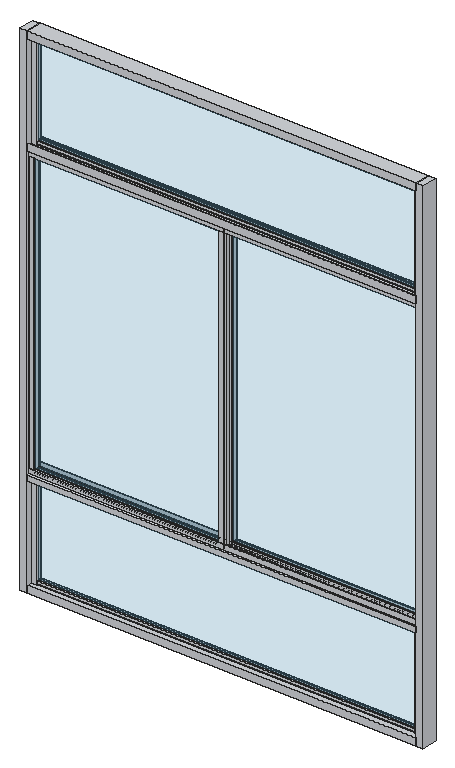
Revit family "MT-VMS_DB-SG_OX WITH HIGHTLITE-LOWLITE", category Windows, host Wall, Revit 2017 (continued)
Definition of nested family "VMS_DB-SG_OX_LOWLITE-HIGHLITE_76mm"
  Definition of nested family "VMS_DB-SG_GLAZED PANEL"
    Definition of nested family "VMS_VM66_SILL DETAIL_FINE"
      Lines and regions (mm)
        model lines, in view "Ref. Level"
          curve 154: line (25.5, 8.2, 0) -> (23.8, 8.2, 0)
          curve 155: line (23.6, 8, 0) -> (23.6, 6.5, 0)
          curve 156: line (23.3, 6.2, 0) -> (16.639, 6.2, 0)
          curve 157: line (15.746, 7.426, 0) -> (14.908, 7.426, 0)
          curve 158: line (14.904, 6.06, 0) -> (15.324, 5.6, 0)
          curve 159: line (15.324, 5.6, 0) -> (14.904, 5.14, 0)
          curve 160: line (14.535, 4.529, 0) -> (14.387, 3.976, 0)
          curve 161: line (14.387, 3.976, 0) -> (13.835, 4.124, 0)
    Definition of nested family "VMS_VM66_SILL DETAIL_MEDIUM"
      Reference planes
        plane 1 "Center (Front/Back)": y = 0
        plane 2: z = 0
        plane 3 "Center (Left/Right)": x = 0
      Lines and regions (mm)
        model lines, in view "Ref. Level"
          curve 1: line (1.2, 5, 0) -> (25.7, 5, 0)
          curve 2: line (0, 0, 0) -> (26.9, 0, 0)
          curve 3: line (25.7, 1.2, 0) -> (1.2, 1.2, 0)
          curve 4: line (26.9, 0, 0) -> (26.9, 27.912, 0)
          curve 5: line (26.9, 27.912, 0) -> (25.7, 27.912, 0)
          curve 6: line (25.7, 13.912, 0) -> (1.2, 13.912, 0)
          curve 7: line (1.2, 27.912, 0) -> (0, 27.912, 0)
          curve 8: line (0, 27.112, 0) -> (0, 25.735, 0)
          curve 9: line (0, 27.912, 0) -> (0, 0, 0)
          curve 10: line (1.2, 1.2, 0) -> (1.2, 5, 0)
          curve 11: line (1.2, 12.512, 0) -> (25.7, 12.512, 0)
          curve 12: line (25.7, 27.912, 0) -> (25.7, 13.912, 0)
          curve 13: line (25.7, 6.2, 0) -> (1.2, 6.2, 0)
          curve 14: line (1.2, 13.912, 0) -> (1.2, 27.912, 0)
          curve 15: line (25.7, 12.512, 0) -> (25.7, 6.2, 0)
          curve 16: line (25.7, 5, 0) -> (25.7, 1.2, 0)
          curve 17: line (1.2, 6.2, 0) -> (1.2, 12.512, 0)
  Definition of nested family "VMS_VM11_SILL DETAIL_FINE"
    Reference planes
      plane 1 "Center (Front/Back)": y = 0
      plane 2: z = 0
      plane 3 "Center (Left/Right)": x = 0
    Lines and regions (mm)
      model lines, in view "Ref. Level"
        curve 1: arc (-6.776, -5.512, 0) -> (-6.841, -5.609, 0) -> (-6.864, -5.724, 0) r 0.3
        curve 2: arc (-5.466, -8.225, 0) -> (-5.192, -8.5, 0) -> (-4.817, -8.6, 0) r 0.75
        curve 3: arc (-4.817, -8.6, 0) -> (-4.167, -8.225, 0) -> (-4.167, -7.475, 0) r 0.75
        curve 4: arc (-4.864, -2.2, 0) -> (-4.571, -1.493, 0) -> (-3.864, -1.2, 0) r 1
        curve 5: arc (5.464, -1.2, 0) -> (6.171, -1.493, 0) -> (6.464, -2.2, 0) r 1
        curve 6: arc (5.767, -7.475, 0) -> (5.767, -8.225, 0) -> (6.417, -8.6, 0) r 0.75
        curve 7: arc (6.417, -8.6, 0) -> (6.792, -8.5, 0) -> (7.066, -8.225, 0) r 0.75
        curve 8: arc (8.464, -5.724, 0) -> (8.441, -5.609, 0) -> (8.376, -5.512, 0) r 0.3
        curve 9: arc (8.864, -2.1, 0) -> (8.951, -2.312, 0) -> (9.164, -2.4, 0) r 0.3
        curve 10: arc (9.55, -2.4, 0) -> (9.904, -2.254, 0) -> (10.05, -1.9, 0) r 0.5
        curve 11: arc (33.2, 0, 0) -> (33.412, 0.088, 0) -> (33.5, 0.3, 0) r 0.3
        curve 12: arc (33.5, 29.412, 0) -> (33.412, 29.624, 0) -> (33.2, 29.712, 0) r 0.3
        curve 13: arc (31.8, 29.712, 0) -> (31.588, 29.624, 0) -> (31.5, 29.412, 0) r 0.3
        curve 14: arc (31.5, 2.1, 0) -> (31.412, 1.888, 0) -> (31.2, 1.8, 0) r 0.3
        curve 15: arc (8.85, 1.8, 0) -> (8.638, 1.712, 0) -> (8.55, 1.5, 0) r 0.3
        curve 16: arc (8.55, 0.3, 0) -> (8.462, 0.088, 0) -> (8.25, 0, 0) r 0.3
        curve 17: arc (1.9, 0, 0) -> (1.688, 0.088, 0) -> (1.6, 0.3, 0) r 0.3
        curve 18: arc (1.6, 29.412, 0) -> (1.512, 29.624, 0) -> (1.3, 29.712, 0) r 0.3
        curve 19: arc (0.3, 29.712, 0) -> (0.088, 29.624, 0) -> (0, 29.412, 0) r 0.3
        curve 20: arc (0, 0.3, 0) -> (-0.088, 0.088, 0) -> (-0.3, 0, 0) r 0.3
        curve 21: arc (-8.15, 0, 0) -> (-8.362, -0.088, 0) -> (-8.45, -0.3, 0) r 0.3
        curve 22: arc (-8.45, -1.9, 0) -> (-8.304, -2.254, 0) -> (-7.95, -2.4, 0) r 0.5
        curve 23: arc (-7.564, -2.4, 0) -> (-7.351, -2.312, 0) -> (-7.264, -2.1, 0) r 0.3
        curve 24: line (-7.264, -2.1, 0) -> (-7.264, -1.5, 0)
        curve 25: line (-7.264, -1.5, 0) -> (-6.364, -1.5, 0)
        curve 26: line (-6.364, -1.5, 0) -> (-6.364, -5.1, 0)
        curve 27: line (-6.364, -5.1, 0) -> (-6.776, -5.512, 0)
        curve 28: line (-6.823, -5.874, 0) -> (-5.466, -8.225, 0)
        curve 29: line (-4.167, -7.475, 0) -> (-4.864, -6.269, 0)
        curve 30: line (-4.864, -6.269, 0) -> (-4.864, -2.2, 0)
        curve 31: line (-3.864, -1.2, 0) -> (5.464, -1.2, 0)
        curve 32: line (6.464, -2.2, 0) -> (6.464, -6.269, 0)
        curve 33: line (6.464, -6.269, 0) -> (5.767, -7.475, 0)
        curve 34: line (7.066, -8.225, 0) -> (8.423, -5.874, 0)
        curve 35: line (8.376, -5.512, 0) -> (7.964, -5.1, 0)
        curve 36: line (7.964, -5.1, 0) -> (7.964, -1.2, 0)
        curve 37: line (7.964, -1.2, 0) -> (8.864, -1.2, 0)
        curve 38: line (8.864, -1.2, 0) -> (8.864, -2.1, 0)
        curve 39: line (9.164, -2.4, 0) -> (9.55, -2.4, 0)
        curve 40: line (10.05, -1.9, 0) -> (10.05, 0, 0)
        curve 41: line (10.05, 0, 0) -> (33.2, 0, 0)
        curve 42: line (33.5, 0.3, 0) -> (33.5, 29.412, 0)
        curve 43: line (33.2, 29.712, 0) -> (31.8, 29.712, 0)
        curve 44: line (31.5, 29.412, 0) -> (31.5, 2.1, 0)
        curve 45: line (31.2, 1.8, 0) -> (8.85, 1.8, 0)
        curve 46: line (8.55, 1.5, 0) -> (8.55, 0.3, 0)
        curve 47: line (8.25, 0, 0) -> (1.9, 0, 0)
        curve 48: line (1.6, 0.3, 0) -> (1.6, 29.412, 0)
        curve 49: line (1.3, 29.712, 0) -> (0.3, 29.712, 0)
        curve 50: line (0, 29.412, 0) -> (0, 0.3, 0)
        curve 51: line (-0.3, 0, 0) -> (-8.15, 0, 0)
        curve 52: line (-8.45, -0.3, 0) -> (-8.45, -1.9, 0)
        curve 53: line (-7.95, -2.4, 0) -> (-7.564, -2.4, 0)
  Definition of nested family "MAIN FRAME 76MM_MEDIUM"
    Reference planes
      plane 1 "Center (Front/Back)": y = 0
      plane 2: z = 0
      plane 3 "Center (Left/Right)": x = 0
    Lines and regions (mm)
      detail lines, in view "Ref. Level"
        curve 1: line (0, 0, 0) -> (35, 0, 0)
        curve 2: line (35, 0, 0) -> (35, -76, 0)
        curve 3: line (35, -76, 0) -> (0, -76, 0)
        curve 4: line (0, 0, 0) -> (0, -1.8, 0)
        curve 5: line (0, -1.8, 0) -> (33.2, -1.8, 0)
        curve 6: line (33.2, -74.2, 0) -> (33.2, -1.8, 0)
        curve 7: line (0, -74.2, 0) -> (33.2, -74.2, 0)
        curve 8: line (0, -74.2, 0) -> (0, -76, 0)
  Definition of nested family "AS1C CAVITY MAIN FRAME"
    Reference planes
      plane 1 "Center (Front/Back)": y = 0
      plane 2: z = 0
      plane 3 "Center (Left/Right)": x = 0
    Lines and regions (mm)
      detail lines, in view "Ref. Level"
        curve 1: arc (-35, -73.2, 0) -> (-34.922, -73.041, 0) -> (-34.748, -73.007, 0) r 0.2
        curve 2: arc (-33.3, -70.8, 0) -> (-32.55, -70.05, 0) -> (-31.8, -70.8, 0) r 0.75
        curve 3: arc (-1.5, -66.578, 0) -> (-1.654, -66.316, 0) -> (-1.957, -66.322, 0) r 0.3
        curve 4: arc (-1.957, -66.322, 0) -> (-4.423, -66.877, 0) -> (-6.71, -65.804, 0) r 3.9
        curve 5: arc (-6.71, -65.804, 0) -> (-6.731, -64.567, 0) -> (-5.494, -64.546, 0) r 0.875
        curve 6: arc (-5.494, -64.546, 0) -> (-3.836, -65.144, 0) -> (-2.288, -64.3, 0) r 2.15
        curve 7: arc (-2.288, -61.7, 0) -> (-3.836, -60.856, 0) -> (-5.494, -61.454, 0) r 2.15
        curve 8: arc (-5.494, -61.454, 0) -> (-6.731, -61.433, 0) -> (-6.71, -60.196, 0) r 0.875
        curve 9: arc (-6.71, -60.196, 0) -> (-4.423, -59.123, 0) -> (-1.957, -59.678, 0) r 3.9
        curve 10: arc (-1.957, -59.678, 0) -> (-1.654, -59.684, 0) -> (-1.5, -59.422, 0) r 0.3
        curve 11: arc (-1.5, -53.73, 0) -> (-1.851, -52.695, 0) -> (-2.76, -52.088, 0) r 1.7
        curve 12: arc (-18.84, -47.78, 0) -> (-19.749, -47.172, 0) -> (-20.1, -46.138, 0) r 1.7
        curve 13: arc (-20.1, -29.862, 0) -> (-19.749, -28.827, 0) -> (-18.84, -28.22, 0) r 1.7
        curve 14: arc (-2.76, -23.912, 0) -> (-1.851, -23.304, 0) -> (-1.5, -22.27, 0) r 1.7
        curve 15: arc (-1.5, -16.578, 0) -> (-1.654, -16.316, 0) -> (-1.957, -16.322, 0) r 0.3
        curve 16: arc (-1.957, -16.322, 0) -> (-4.423, -16.877, 0) -> (-6.71, -15.804, 0) r 3.9
        curve 17: arc (-6.71, -15.804, 0) -> (-6.731, -14.567, 0) -> (-5.494, -14.546, 0) r 0.875
        curve 18: arc (-5.494, -14.546, 0) -> (-3.836, -15.144, 0) -> (-2.288, -14.3, 0) r 2.15
        curve 19: arc (-2.288, -11.7, 0) -> (-3.836, -10.856, 0) -> (-5.494, -11.454, 0) r 2.15
        curve 20: arc (-5.494, -11.454, 0) -> (-6.731, -11.433, 0) -> (-6.71, -10.196, 0) r 0.875
        curve 21: arc (-6.71, -10.196, 0) -> (-4.423, -9.123, 0) -> (-1.957, -9.678, 0) r 3.9
        curve 22: arc (-1.957, -9.678, 0) -> (-1.654, -9.684, 0) -> (-1.5, -9.422, 0) r 0.3
        curve 23: arc (-31.8, -5.2, 0) -> (-32.55, -5.95, 0) -> (-33.3, -5.2, 0) r 0.75
        curve 24: arc (-34.748, -2.993, 0) -> (-34.922, -2.959, 0) -> (-35, -2.8, 0) r 0.2
        curve 25: arc (-35, -0.4, 0) -> (-34.883, -0.117, 0) -> (-34.6, 0, 0) r 0.4
        curve 26: arc (-0.4, 0, 0) -> (-0.117, -0.117, 0) -> (0, -0.4, 0) r 0.4
        curve 27: arc (0, -28.2, 0) -> (-0.117, -28.483, 0) -> (-0.4, -28.6, 0) r 0.4
        curve 28: arc (-2.4, -29.868, 0) -> (-2.483, -30.111, 0) -> (-2.696, -30.254, 0) r 0.4
        curve 29: arc (-4.496, -30.736, 0) -> (-4.895, -30.62, 0) -> (-4.976, -30.213, 0) r 0.4
        curve 30: arc (-3.605, -26.446, 0) -> (-3.686, -26.039, 0) -> (-4.084, -25.923, 0) r 0.4
        curve 31: arc (-10.184, -27.557, 0) -> (-10.372, -27.709, 0) -> (-10.388, -27.95, 0) r 0.3
        curve 32: arc (-9.417, -30.619, 0) -> (-9.417, -30.755, 0) -> (-9.504, -30.86, 0) r 0.2
        curve 33: arc (-9.7, -30.973, 0) -> (-9.9, -30.973, 0) -> (-10, -30.8, 0) r 0.2
        curve 34: arc (-10, -30.747, 0) -> (-10.059, -30.606, 0) -> (-10.2, -30.547, 0) r 0.2
        curve 35: arc (-11.438, -30.547, 0) -> (-11.528, -30.526, 0) -> (-11.599, -30.466, 0) r 0.2
        curve 36: arc (-11.599, -30.466, 0) -> (-11.806, -30.087, 0) -> (-11.9, -29.664, 0) r 1.549
        curve 37: arc (-11.9, -28.408, 0) -> (-12.017, -28.17, 0) -> (-12.278, -28.118, 0) r 0.3
        curve 38: arc (-12.278, -47.882, 0) -> (-12.017, -47.83, 0) -> (-11.9, -47.592, 0) r 0.3
        curve 39: arc (-11.9, -46.336, 0) -> (-11.806, -45.913, 0) -> (-11.599, -45.533, 0) r 1.549
        curve 40: arc (-11.599, -45.533, 0) -> (-11.528, -45.474, 0) -> (-11.438, -45.453, 0) r 0.2
        curve 41: arc (-10.2, -45.453, 0) -> (-10.059, -45.394, 0) -> (-10, -45.253, 0) r 0.2
        curve 42: arc (-10, -45.2, 0) -> (-9.9, -45.027, 0) -> (-9.7, -45.027, 0) r 0.2
        curve 43: arc (-9.504, -45.14, 0) -> (-9.417, -45.244, 0) -> (-9.417, -45.381, 0) r 0.2
        curve 44: arc (-10.388, -48.05, 0) -> (-10.372, -48.291, 0) -> (-10.184, -48.443, 0) r 0.3
        curve 45: arc (-4.084, -50.077, 0) -> (-3.686, -49.961, 0) -> (-3.605, -49.554, 0) r 0.4
        curve 46: arc (-4.976, -45.787, 0) -> (-4.895, -45.38, 0) -> (-4.496, -45.264, 0) r 0.4
        curve 47: arc (-2.696, -45.746, 0) -> (-2.483, -45.889, 0) -> (-2.4, -46.132, 0) r 0.4
        curve 48: arc (-0.4, -47.4, 0) -> (-0.117, -47.517, 0) -> (0, -47.8, 0) r 0.4
        curve 49: arc (0, -75.6, 0) -> (-0.117, -75.883, 0) -> (-0.4, -76, 0) r 0.4
        curve 50: arc (-34.6, -76, 0) -> (-34.883, -75.883, 0) -> (-35, -75.6, 0) r 0.4
        curve 51: line (-34.748, -73.007, 0) -> (-33.3, -73.395, 0)
        curve 52: line (-33.3, -73.395, 0) -> (-33.3, -70.8, 0)
        curve 53: line (-31.8, -70.8, 0) -> (-31.8, -74.5, 0)
        curve 54: line (-31.8, -74.5, 0) -> (-1.5, -74.5, 0)
        curve 55: line (-1.5, -74.5, 0) -> (-1.5, -66.578, 0)
        curve 56: line (-2.288, -64.3, 0) -> (-1.5, -64.3, 0)
        curve 57: line (-1.5, -64.3, 0) -> (-1.5, -63, 0)
        curve 58: line (-1.5, -63, 0) -> (-1.5, -61.7, 0)
        curve 59: line (-1.5, -61.7, 0) -> (-2.288, -61.7, 0)
        curve 60: line (-1.5, -59.422, 0) -> (-1.5, -53.73, 0)
        curve 61: line (-2.76, -52.088, 0) -> (-18.84, -47.78, 0)
        curve 62: line (-20.1, -46.138, 0) -> (-20.1, -29.862, 0)
        curve 63: line (-18.84, -28.22, 0) -> (-2.76, -23.912, 0)
        curve 64: line (-1.5, -22.27, 0) -> (-1.5, -16.578, 0)
        curve 65: line (-2.288, -14.3, 0) -> (-1.5, -14.3, 0)
        curve 66: line (-1.5, -14.3, 0) -> (-1.5, -13, 0)
        curve 67: line (-1.5, -13, 0) -> (-1.5, -11.7, 0)
        curve 68: line (-1.5, -11.7, 0) -> (-2.288, -11.7, 0)
        curve 69: line (-1.5, -9.422, 0) -> (-1.5, -1.5, 0)
        curve 70: line (-1.5, -1.5, 0) -> (-31.8, -1.5, 0)
        curve 71: line (-31.8, -1.5, 0) -> (-31.8, -5.2, 0)
        curve 72: line (-33.3, -5.2, 0) -> (-33.3, -2.605, 0)
        curve 73: line (-33.3, -2.605, 0) -> (-34.748, -2.993, 0)
        curve 74: line (-35, -2.8, 0) -> (-35, -0.4, 0)
        curve 75: line (-34.6, 0, 0) -> (-0.4, 0, 0)
        curve 76: line (0, -0.4, 0) -> (0, -28.2, 0)
        curve 77: line (-0.4, -28.6, 0) -> (-2.4, -28.6, 0)
        curve 78: line (-2.4, -28.6, 0) -> (-2.4, -29.868, 0)
        curve 79: line (-2.696, -30.254, 0) -> (-4.496, -30.736, 0)
        curve 80: line (-4.976, -30.213, 0) -> (-3.605, -26.446, 0)
        curve 81: line (-4.084, -25.923, 0) -> (-10.184, -27.557, 0)
        curve 82: line (-10.388, -27.95, 0) -> (-9.417, -30.619, 0)
        curve 83: line (-9.504, -30.86, 0) -> (-9.7, -30.973, 0)
        curve 84: line (-10.2, -30.547, 0) -> (-11.438, -30.547, 0)
        curve 85: line (-11.9, -29.664, 0) -> (-11.9, -28.408, 0)
        curve 86: line (-12.278, -28.118, 0) -> (-18.5, -29.786, 0)
        curve 87: line (-18.5, -29.786, 0) -> (-18.5, -46.214, 0)
        curve 88: line (-18.5, -46.214, 0) -> (-12.278, -47.882, 0)
        curve 89: line (-11.9, -47.592, 0) -> (-11.9, -46.336, 0)
        curve 90: line (-11.438, -45.453, 0) -> (-10.2, -45.453, 0)
        curve 91: line (-9.7, -45.027, 0) -> (-9.504, -45.14, 0)
        curve 92: line (-9.417, -45.381, 0) -> (-10.388, -48.05, 0)
        curve 93: line (-10.184, -48.443, 0) -> (-4.084, -50.077, 0)
        curve 94: line (-3.605, -49.554, 0) -> (-4.976, -45.787, 0)
        curve 95: line (-4.496, -45.264, 0) -> (-2.696, -45.746, 0)
        curve 96: line (-2.4, -46.132, 0) -> (-2.4, -47.4, 0)
        curve 97: line (-2.4, -47.4, 0) -> (-0.4, -47.4, 0)
        curve 98: line (0, -47.8, 0) -> (0, -75.6, 0)
        curve 99: line (-0.4, -76, 0) -> (-34.6, -76, 0)
        curve 100: line (-35, -75.6, 0) -> (-35, -73.2, 0)
  Definition of nested family "VMS_VM8_HEAD DETAIL_MEDIUM"
    Reference planes
      plane 1 "Center (Front/Back)": y = 0
      plane 2: z = 0
      plane 3 "Center (Left/Right)": x = 0
    Lines and regions (mm)
      detail lines, in view "Ref. Level"
        curve 1: line (0, 0, 0) -> (0, -35, 0)
        curve 2: line (1.5, -14.5, 0) -> (74.5, -14.5, 0)
        curve 3: line (74.5, -14.5, 0) -> (74.5, 0, 0)
        curve 4: line (0, 0, 0) -> (1.5, 0, 0)
        curve 5: line (76, 0, 0) -> (76, -35, 0)
        curve 6: line (76, -35, 0) -> (70.5, -35, 0)
        curve 7: line (70.5, -35, 0) -> (70.5, -59, 0)
        curve 8: line (68.7, -59, 0) -> (68.7, -33.2, 0)
        curve 9: line (68.7, -33.2, 0) -> (74.2, -33.2, 0)
        curve 10: line (74.2, -33.2, 0) -> (74.2, -16.1, 0)
        curve 11: line (74.2, -16.1, 0) -> (38.8, -16.1, 0)
        curve 12: line (38.8, -16.1, 0) -> (38.8, -59, 0)
        curve 13: line (70.5, -59, 0) -> (68.7, -59, 0)
        curve 14: line (37.2, -59, 0) -> (37.2, -16.1, 0)
        curve 15: line (1.8, -16.1, 0) -> (1.8, -33.2, 0)
        curve 16: line (1.8, -33.2, 0) -> (7.3, -33.2, 0)
        curve 17: line (7.3, -33.2, 0) -> (7.3, -59, 0)
        curve 18: line (7.3, -59, 0) -> (5.5, -59, 0)
        curve 19: line (5.5, -59, 0) -> (5.5, -35, 0)
        curve 20: line (5.5, -35, 0) -> (0, -35, 0)
        curve 21: line (1.5, 0, 0) -> (1.5, -14.5, 0)
        curve 22: line (74.5, 0, 0) -> (76, 0, 0)
        curve 23: line (38.8, -59, 0) -> (37.2, -59, 0)
        curve 24: line (37.2, -16.1, 0) -> (1.8, -16.1, 0)
  Definition of nested family "VMS_VM8_HEAD DETAIL_FINE"
    Reference planes
      plane 1 "Center (Front/Back)": y = 0
      plane 2: z = 0
      plane 3 "Center (Left/Right)": x = 0
    Lines and regions (mm)
      model lines, in view "Ref. Level"
        curve 1: arc (9.146, -8.957, 0) -> (9.504, -8.091, 0) -> (10.37, -7.732, 0) r 1.224
        curve 2: arc (10.877, -7.732, 0) -> (11.54, -8.402, 0) -> (11.326, -9.319, 0) r 0.974
        curve 3: arc (11.326, -9.319, 0) -> (11.131, -9.63, 0) -> (10.993, -9.97, 0) r 2.1
        curve 4: arc (10.993, -11.204, 0) -> (11.181, -11.637, 0) -> (11.462, -12.017, 0) r 2.1
        curve 5: arc (12.531, -12.634, 0) -> (13, -12.687, 0) -> (13.469, -12.634, 0) r 2.1
        curve 6: arc (14.538, -12.017, 0) -> (14.819, -11.637, 0) -> (15.007, -11.204, 0) r 2.1
        curve 7: arc (15.007, -9.97, 0) -> (14.869, -9.63, 0) -> (14.674, -9.319, 0) r 2.1
        curve 8: arc (14.674, -9.319, 0) -> (14.46, -8.402, 0) -> (15.123, -7.732, 0) r 0.974
        curve 9: arc (15.63, -7.732, 0) -> (16.496, -8.091, 0) -> (16.854, -8.957, 0) r 1.224
        curve 10: arc (16.854, -11.635, 0) -> (16.306, -12.829, 0) -> (15.399, -13.78, 0) r 3.994
        curve 11: arc (15.399, -13.78, 0) -> (15.26, -14.227, 0) -> (15.64, -14.5, 0) r 0.4
        curve 12: arc (60.746, -14.5, 0) -> (61.007, -14.348, 0) -> (61.003, -14.046, 0) r 0.3
        curve 13: arc (61.003, -14.046, 0) -> (59.836, -13.025, 0) -> (59.146, -11.635, 0) r 3.994
        curve 14: arc (59.146, -8.957, 0) -> (59.504, -8.091, 0) -> (60.37, -7.732, 0) r 1.224
        curve 15: arc (60.868, -7.732, 0) -> (61.514, -8.349, 0) -> (61.394, -9.234, 0) r 0.982
        curve 16: arc (61.394, -9.234, 0) -> (61.156, -9.581, 0) -> (60.993, -9.97, 0) r 2.1
        curve 17: arc (60.993, -11.204, 0) -> (61.181, -11.637, 0) -> (61.462, -12.017, 0) r 2.1
        curve 18: arc (62.531, -12.634, 0) -> (63, -12.687, 0) -> (63.469, -12.634, 0) r 2.1
        curve 19: arc (64.538, -12.017, 0) -> (64.819, -11.637, 0) -> (65.007, -11.204, 0) r 2.1
        curve 20: arc (65.007, -9.97, 0) -> (64.843, -9.58, 0) -> (64.603, -9.23, 0) r 2.1
        curve 21: arc (64.603, -9.23, 0) -> (64.477, -8.348, 0) -> (65.123, -7.732, 0) r 0.974
        curve 22: arc (65.63, -7.732, 0) -> (66.496, -8.091, 0) -> (66.854, -8.957, 0) r 1.224
        curve 23: arc (66.854, -11.635, 0) -> (66.306, -12.829, 0) -> (65.399, -13.78, 0) r 3.994
        curve 24: arc (65.399, -13.78, 0) -> (65.26, -14.227, 0) -> (65.64, -14.5, 0) r 0.4
        curve 25: arc (70.8, -3.2, 0) -> (70.05, -2.45, 0) -> (70.8, -1.7, 0) r 0.75
        curve 26: arc (73.007, -0.252, 0) -> (73.041, -0.078, 0) -> (73.2, 0, 0) r 0.2
        curve 27: arc (75.6, 0, 0) -> (75.883, -0.117, 0) -> (76, -0.4, 0) r 0.4
        curve 28: arc (76, -34.7, 0) -> (75.912, -34.912, 0) -> (75.7, -35, 0) r 0.3
        curve 29: arc (70.8, -35, 0) -> (70.588, -35.088, 0) -> (70.5, -35.3, 0) r 0.3
        curve 30: arc (70.5, -58.7, 0) -> (70.412, -58.912, 0) -> (70.2, -59, 0) r 0.3
        curve 31: arc (69, -59, 0) -> (68.788, -58.912, 0) -> (68.7, -58.7, 0) r 0.3
        curve 32: arc (68.7, -33.5, 0) -> (68.788, -33.288, 0) -> (69, -33.2, 0) r 0.3
        curve 33: arc (73.9, -33.2, 0) -> (74.112, -33.112, 0) -> (74.2, -32.9, 0) r 0.3
        curve 34: arc (74.2, -17.1, 0) -> (73.907, -16.393, 0) -> (73.2, -16.1, 0) r 1
        curve 35: arc (39.8, -16.1, 0) -> (39.093, -16.393, 0) -> (38.8, -17.1, 0) r 1
        curve 36: arc (38.8, -58.7, 0) -> (38.712, -58.912, 0) -> (38.5, -59, 0) r 0.3
        curve 37: arc (37.5, -59, 0) -> (37.288, -58.912, 0) -> (37.2, -58.7, 0) r 0.3
        curve 38: arc (37.2, -17.1, 0) -> (36.907, -16.393, 0) -> (36.2, -16.1, 0) r 1
        curve 39: arc (2.8, -16.1, 0) -> (2.093, -16.393, 0) -> (1.8, -17.1, 0) r 1
        curve 40: arc (1.8, -32.9, 0) -> (1.888, -33.112, 0) -> (2.1, -33.2, 0) r 0.3
        curve 41: arc (7, -33.2, 0) -> (7.212, -33.288, 0) -> (7.3, -33.5, 0) r 0.3
        curve 42: arc (7.3, -58.7, 0) -> (7.212, -58.912, 0) -> (7, -59, 0) r 0.3
        curve 43: arc (5.8, -59, 0) -> (5.588, -58.912, 0) -> (5.5, -58.7, 0) r 0.3
        curve 44: arc (5.5, -35.3, 0) -> (5.412, -35.088, 0) -> (5.2, -35, 0) r 0.3
        curve 45: arc (0.3, -35, 0) -> (0.088, -34.912, 0) -> (0, -34.7, 0) r 0.3
        curve 46: arc (0, -0.4, 0) -> (0.117, -0.117, 0) -> (0.4, 0, 0) r 0.4
        curve 47: arc (2.8, 0, 0) -> (2.959, -0.078, 0) -> (2.993, -0.252, 0) r 0.2
        curve 48: arc (5.2, -1.7, 0) -> (5.95, -2.45, 0) -> (5.2, -3.2, 0) r 0.75
        curve 49: line (9.146, -11.635, 0) -> (9.146, -8.957, 0)
        curve 50: line (10.37, -7.732, 0) -> (10.877, -7.732, 0)
        curve 51: line (10.993, -9.97, 0) -> (10.376, -10.587, 0)
        curve 52: line (10.376, -10.587, 0) -> (10.993, -11.204, 0)
        curve 53: line (11.462, -12.017, 0) -> (11.688, -12.859, 0)
        curve 54: line (11.688, -12.859, 0) -> (12.531, -12.634, 0)
        curve 55: line (13.469, -12.634, 0) -> (14.312, -12.859, 0)
        curve 56: line (14.312, -12.859, 0) -> (14.538, -12.017, 0)
        curve 57: line (15.007, -11.204, 0) -> (15.624, -10.587, 0)
        curve 58: line (15.624, -10.587, 0) -> (15.007, -9.97, 0)
        curve 59: line (15.123, -7.732, 0) -> (15.63, -7.732, 0)
        curve 60: line (16.854, -8.957, 0) -> (16.854, -11.635, 0)
        curve 61: line (15.64, -14.5, 0) -> (60.746, -14.5, 0)
        curve 62: line (59.146, -11.635, 0) -> (59.146, -8.957, 0)
        curve 63: line (60.37, -7.732, 0) -> (60.868, -7.732, 0)
        curve 64: line (60.993, -9.97, 0) -> (60.376, -10.587, 0)
        curve 65: line (60.376, -10.587, 0) -> (60.993, -11.204, 0)
        curve 66: line (61.462, -12.017, 0) -> (61.688, -12.859, 0)
        curve 67: line (61.688, -12.859, 0) -> (62.531, -12.634, 0)
        curve 68: line (63.469, -12.634, 0) -> (64.312, -12.859, 0)
        curve 69: line (64.312, -12.859, 0) -> (64.538, -12.017, 0)
        curve 70: line (65.007, -11.204, 0) -> (65.624, -10.587, 0)
        curve 71: line (65.624, -10.587, 0) -> (65.007, -9.97, 0)
        curve 72: line (65.123, -7.732, 0) -> (65.63, -7.732, 0)
        curve 73: line (66.854, -8.957, 0) -> (66.854, -11.635, 0)
        curve 74: line (65.64, -14.5, 0) -> (74.5, -14.5, 0)
        curve 75: line (74.5, -14.5, 0) -> (74.5, -3.2, 0)
        curve 76: line (74.5, -3.2, 0) -> (70.8, -3.2, 0)
        curve 77: line (70.8, -1.7, 0) -> (73.395, -1.7, 0)
        curve 78: line (73.395, -1.7, 0) -> (73.007, -0.252, 0)
        curve 79: line (73.2, 0, 0) -> (75.6, 0, 0)
        curve 80: line (76, -0.4, 0) -> (76, -34.7, 0)
        curve 81: line (75.7, -35, 0) -> (70.8, -35, 0)
        curve 82: line (70.5, -35.3, 0) -> (70.5, -58.7, 0)
        curve 83: line (70.2, -59, 0) -> (69, -59, 0)
        curve 84: line (68.7, -58.7, 0) -> (68.7, -33.5, 0)
        curve 85: line (69, -33.2, 0) -> (73.9, -33.2, 0)
        curve 86: line (74.2, -32.9, 0) -> (74.2, -17.1, 0)
        curve 87: line (73.2, -16.1, 0) -> (39.8, -16.1, 0)
        curve 88: line (38.8, -17.1, 0) -> (38.8, -58.7, 0)
        curve 89: line (38.5, -59, 0) -> (37.5, -59, 0)
        curve 90: line (37.2, -58.7, 0) -> (37.2, -17.1, 0)
        curve 91: line (36.2, -16.1, 0) -> (2.8, -16.1, 0)
        curve 92: line (1.8, -17.1, 0) -> (1.8, -32.9, 0)
        curve 93: line (2.1, -33.2, 0) -> (7, -33.2, 0)
        curve 94: line (7.3, -33.5, 0) -> (7.3, -58.7, 0)
        curve 95: line (7, -59, 0) -> (5.8, -59, 0)
        curve 96: line (5.5, -58.7, 0) -> (5.5, -35.3, 0)
        curve 97: line (5.2, -35, 0) -> (0.3, -35, 0)
        curve 98: line (0, -34.7, 0) -> (0, -0.4, 0)
        curve 99: line (0.4, 0, 0) -> (2.8, 0, 0)
        curve 100: line (2.993, -0.252, 0) -> (2.605, -1.7, 0)
        curve 101: line (2.605, -1.7, 0) -> (5.2, -1.7, 0)
        curve 102: line (5.2, -3.2, 0) -> (1.5, -3.2, 0)
        curve 103: line (1.5, -3.2, 0) -> (1.5, -14.5, 0)
        curve 104: line (1.5, -14.5, 0) -> (10.36, -14.5, 0)
        curve 105: arc (10.36, -14.5, 0) -> (10.74, -14.227, 0) -> (10.601, -13.78, 0) r 0.4
        curve 106: arc (10.601, -13.78, 0) -> (9.694, -12.829, 0) -> (9.146, -11.635, 0) r 3.994
  Definition of nested family "VMS_VM10_BOT DETAIL_MEDIUM"
    Reference planes
      plane 1 "Center (Front/Back)": y = 0
      plane 2: z = 0
      plane 3 "Center (Left/Right)": x = 0
    Lines and regions (mm)
      detail lines, in view "Ref. Level"
        curve 1: line (70.183, 29.678, 0) -> (74.4, 26.464, 0)
        curve 2: line (74.4, 26.464, 0) -> (74.4, 19.696, 0)
        curve 3: line (74.4, 19.696, 0) -> (36.6, 19.696, 0)
        curve 4: line (36.6, 19.696, 0) -> (36.6, 15.948, 0)
        curve 5: line (36.6, 15.948, 0) -> (1.5, 15.948, 0)
        curve 6: line (1.5, 26.54, 0) -> (5.689, 29.678, 0)
        curve 7: line (5.689, 29.678, 0) -> (70.183, 29.678, 0)
        curve 8: line (1.5, 14.448, 0) -> (38, 14.448, 0)
        curve 9: line (38, 14.448, 0) -> (38, 18.196, 0)
        curve 10: line (38, 18.196, 0) -> (74.4, 18.196, 0)
        curve 11: line (76, 0, 0) -> (76, 27.256, 0)
        curve 12: line (76, 27.256, 0) -> (70.723, 31.278, 0)
        curve 13: line (70.723, 31.278, 0) -> (70.723, 56.143, 0)
        curve 14: line (70.723, 56.143, 0) -> (68.723, 56.143, 0)
        curve 15: line (68.723, 56.143, 0) -> (68.723, 31.278, 0)
        curve 16: line (68.723, 31.278, 0) -> (38.823, 31.278, 0)
        curve 17: line (38.823, 31.278, 0) -> (38.823, 56.143, 0)
        curve 18: line (38.823, 56.143, 0) -> (37.223, 56.143, 0)
        curve 19: line (37.223, 56.143, 0) -> (37.223, 31.278, 0)
        curve 20: line (37.223, 31.278, 0) -> (7.323, 31.278, 0)
        curve 21: line (7.323, 31.278, 0) -> (7.323, 56.143, 0)
        curve 22: line (7.323, 56.143, 0) -> (5.323, 56.143, 0)
        curve 23: line (5.323, 56.143, 0) -> (5.323, 31.278, 0)
        curve 24: line (5.323, 31.278, 0) -> (0, 27.291, 0)
        curve 25: line (0, 27.291, 0) -> (0, 0, 0)
        curve 26: line (0, 0, 0) -> (1.5, 0, 0)
        curve 27: line (1.5, 0, 0) -> (1.5, 14.448, 0)
        curve 28: line (1.5, 15.948, 0) -> (1.5, 26.54, 0)
        curve 29: line (76, 0, 0) -> (74.4, 0, 0)
        curve 30: line (74.4, 18.196, 0) -> (74.4, 0, 0)
  Definition of nested family "VMS_VM10_BOT DETAIL_FINE"
    Reference planes
      plane 1 "Center (Front/Back)": y = 0
      plane 2: z = 0
      plane 3 "Center (Left/Right)": x = 0
    Lines and regions (mm)
      model lines, in view "Ref. Level"
        curve 1: arc (69.913, 29.678, 0) -> (70.169, 29.636, 0) -> (70.398, 29.515, 0) r 0.8
        curve 2: arc (74.243, 26.584, 0) -> (74.359, 26.443, 0) -> (74.4, 26.265, 0) r 0.4
        curve 3: arc (74.4, 19.995, 0) -> (74.312, 19.784, 0) -> (74.1, 19.696, 0) r 0.3
        curve 4: arc (36.461, 19.709, 0) -> (36.168, 19.595, 0) -> (36.048, 19.303, 0) r 0.4
        curve 5: arc (36.048, 19.303, 0) -> (36.163, 19.016, 0) -> (36.448, 18.896, 0) r 0.4
        curve 6: arc (36.6, 16.448, 0) -> (36.454, 16.095, 0) -> (36.1, 15.948, 0) r 0.5
        curve 7: arc (5.763, 22.386, 0) -> (5.704, 22.528, 0) -> (5.563, 22.586, 0) r 0.2
        curve 8: arc (5.554, 22.586, 0) -> (5.413, 22.645, 0) -> (5.354, 22.786, 0) r 0.2
        curve 9: arc (5.354, 25.256, 0) -> (4.768, 26.67, 0) -> (3.354, 27.256, 0) r 2
        curve 10: arc (3.056, 27.256, 0) -> (2.867, 27.393, 0) -> (2.937, 27.616, 0) r 0.2
        curve 11: arc (5.476, 29.519, 0) -> (5.703, 29.637, 0) -> (5.956, 29.678, 0) r 0.8
        curve 12: arc (19.373, 29.678, 0) -> (19.727, 29.825, 0) -> (19.873, 30.178, 0) r 0.5
        curve 13: arc (19.873, 31.416, 0) -> (19.961, 31.628, 0) -> (20.173, 31.716, 0) r 0.3
        curve 14: arc (24.373, 31.716, 0) -> (24.586, 31.628, 0) -> (24.673, 31.416, 0) r 0.3
        curve 15: arc (24.673, 30.178, 0) -> (24.82, 29.825, 0) -> (25.173, 29.678, 0) r 0.5
        curve 16: arc (32.5, 29.678, 0) -> (32.712, 29.591, 0) -> (32.8, 29.378, 0) r 0.3
        curve 17: arc (32.8, 26.678, 0) -> (33.093, 25.971, 0) -> (33.8, 25.678, 0) r 1
        curve 18: arc (34, 25.678, 0) -> (34.566, 25.913, 0) -> (34.8, 26.478, 0) r 0.8
        curve 19: arc (34.8, 27.36, 0) -> (35.8, 29.978, 0) -> (36.8, 27.36, 0) r 1.5
        curve 20: arc (36.8, 26.478, 0) -> (37.034, 25.913, 0) -> (37.6, 25.678, 0) r 0.8
        curve 21: arc (37.8, 25.678, 0) -> (38.507, 25.971, 0) -> (38.8, 26.678, 0) r 1
        curve 22: arc (38.8, 29.377, 0) -> (38.888, 29.589, 0) -> (39.1, 29.677, 0) r 0.3
        curve 23: arc (50.873, 29.678, 0) -> (51.227, 29.825, 0) -> (51.373, 30.178, 0) r 0.5
        curve 24: arc (51.373, 31.416, 0) -> (51.461, 31.628, 0) -> (51.673, 31.716, 0) r 0.3
        curve 25: arc (55.873, 31.716, 0) -> (56.086, 31.628, 0) -> (56.173, 31.416, 0) r 0.3
        curve 26: arc (56.173, 30.178, 0) -> (56.32, 29.825, 0) -> (56.673, 29.678, 0) r 0.5
        curve 27: arc (13.469, 12.634, 0) -> (13, 12.687, 0) -> (12.531, 12.634, 0) r 2.1
        curve 28: arc (15.007, 11.204, 0) -> (14.819, 11.637, 0) -> (14.538, 12.017, 0) r 2.1
        curve 29: arc (14.603, 9.23, 0) -> (14.843, 9.58, 0) -> (15.007, 9.97, 0) r 2.1
        curve 30: arc (14.603, 9.23, 0) -> (14.477, 8.348, 0) -> (15.123, 7.732, 0) r 0.974
        curve 31: arc (15.63, 7.732, 0) -> (16.496, 8.091, 0) -> (16.854, 8.957, 0) r 1.224
        curve 32: arc (16.854, 11.635, 0) -> (16.147, 13.047, 0) -> (14.948, 14.074, 0) r 3.994
        curve 33: arc (15.046, 14.448, 0) -> (14.852, 14.299, 0) -> (14.948, 14.074, 0) r 0.2
        curve 34: arc (37.5, 14.448, 0) -> (37.854, 14.595, 0) -> (38, 14.948, 0) r 0.5
        curve 35: arc (38.3, 18.196, 0) -> (38.088, 18.109, 0) -> (38, 17.896, 0) r 0.3
        curve 36: arc (62.25, 17.896, 0) -> (62.162, 18.109, 0) -> (61.95, 18.196, 0) r 0.3
        curve 37: arc (62.25, 14.51, 0) -> (60.286, 13.517, 0) -> (59.146, 11.635, 0) r 3.994
        curve 38: arc (59.146, 8.957, 0) -> (59.504, 8.091, 0) -> (60.37, 7.732, 0) r 1.224
        curve 39: arc (60.868, 7.732, 0) -> (61.514, 8.349, 0) -> (61.394, 9.234, 0) r 0.982
        curve 40: arc (60.993, 9.97, 0) -> (61.156, 9.581, 0) -> (61.394, 9.234, 0) r 2.1
        curve 41: arc (61.462, 12.017, 0) -> (61.181, 11.637, 0) -> (60.993, 11.204, 0) r 2.1
        curve 42: arc (63.469, 12.634, 0) -> (63, 12.687, 0) -> (62.531, 12.634, 0) r 2.1
        curve 43: arc (65.007, 11.204, 0) -> (64.819, 11.637, 0) -> (64.538, 12.017, 0) r 2.1
        curve 44: arc (64.603, 9.23, 0) -> (64.843, 9.58, 0) -> (65.007, 9.97, 0) r 2.1
        curve 45: arc (64.603, 9.23, 0) -> (64.477, 8.348, 0) -> (65.123, 7.732, 0) r 0.974
        curve 46: arc (65.63, 7.732, 0) -> (66.496, 8.091, 0) -> (66.854, 8.957, 0) r 1.224
        curve 47: arc (66.854, 11.635, 0) -> (65.714, 13.517, 0) -> (63.75, 14.51, 0) r 3.994
        curve 48: arc (64.05, 18.196, 0) -> (63.838, 18.109, 0) -> (63.75, 17.896, 0) r 0.3
        curve 49: arc (74.5, 17.896, 0) -> (74.412, 18.109, 0) -> (74.2, 18.196, 0) r 0.3
        curve 50: arc (74.2, 3.2, 0) -> (74.412, 3.288, 0) -> (74.5, 3.5, 0) r 0.3
        curve 51: arc (70.8, 3.2, 0) -> (70.05, 2.45, 0) -> (70.8, 1.7, 0) r 0.75
        curve 52: arc (73.007, 0.252, 0) -> (73.041, 0.078, 0) -> (73.2, 0, 0) r 0.2
        curve 53: arc (75.7, 0, 0) -> (75.912, 0.088, 0) -> (76, 0.3, 0) r 0.3
        curve 54: arc (76, 26.266, 0) -> (75.792, 27.153, 0) -> (75.213, 27.856, 0) r 2
        curve 55: arc (70.723, 32.269, 0) -> (70.931, 31.381, 0) -> (71.511, 30.678, 0) r 2
        curve 56: arc (70.723, 55.843, 0) -> (70.636, 56.055, 0) -> (70.423, 56.143, 0) r 0.3
        curve 57: arc (69.023, 56.143, 0) -> (68.811, 56.055, 0) -> (68.723, 55.843, 0) r 0.3
        curve 58: arc (68.423, 31.278, 0) -> (68.636, 31.366, 0) -> (68.723, 31.578, 0) r 0.3
        curve 59: arc (57.773, 31.578, 0) -> (57.861, 31.366, 0) -> (58.074, 31.278, 0) r 0.3
        curve 60: arc (57.773, 32.274, 0) -> (57.662, 32.588, 0) -> (57.377, 32.763, 0) r 0.5
        curve 61: arc (50.169, 32.763, 0) -> (49.885, 32.588, 0) -> (49.773, 32.274, 0) r 0.5
        curve 62: arc (49.473, 31.278, 0) -> (49.686, 31.366, 0) -> (49.773, 31.578, 0) r 0.3
        curve 63: arc (38.823, 31.578, 0) -> (38.911, 31.366, 0) -> (39.123, 31.278, 0) r 0.3
        curve 64: arc (38.823, 55.843, 0) -> (38.736, 56.055, 0) -> (38.523, 56.143, 0) r 0.3
        curve 65: arc (37.523, 56.143, 0) -> (37.311, 56.055, 0) -> (37.223, 55.843, 0) r 0.3
        curve 66: arc (36.923, 31.278, 0) -> (37.136, 31.366, 0) -> (37.223, 31.578, 0) r 0.3
        curve 67: arc (26.273, 31.578, 0) -> (26.361, 31.366, 0) -> (26.573, 31.278, 0) r 0.3
        curve 68: arc (26.273, 32.274, 0) -> (26.162, 32.588, 0) -> (25.877, 32.763, 0) r 0.5
        curve 69: arc (18.669, 32.763, 0) -> (18.385, 32.588, 0) -> (18.273, 32.274, 0) r 0.5
        curve 70: arc (17.973, 31.278, 0) -> (18.186, 31.366, 0) -> (18.273, 31.578, 0) r 0.3
        curve 71: arc (7.323, 31.578, 0) -> (7.411, 31.366, 0) -> (7.623, 31.278, 0) r 0.3
        curve 72: arc (7.323, 55.843, 0) -> (7.236, 56.055, 0) -> (7.023, 56.143, 0) r 0.3
        curve 73: arc (5.623, 56.143, 0) -> (5.411, 56.055, 0) -> (5.323, 55.843, 0) r 0.3
        curve 74: arc (4.523, 30.678, 0) -> (5.112, 31.384, 0) -> (5.323, 32.279, 0) r 2
        curve 75: arc (0.755, 27.856, 0) -> (0.165, 27.15, 0) -> (-0.046, 26.255, 0) r 2
        curve 76: arc (-0.046, 24.056, 0) -> (0.393, 22.995, 0) -> (1.454, 22.556, 0) r 1.5
        curve 77: arc (1.454, 22.556, 0) -> (1.595, 22.615, 0) -> (1.654, 22.756, 0) r 0.2
        curve 78: arc (3.654, 23.438, 0) -> (2.654, 26.056, 0) -> (1.654, 23.438, 0) r 1.5
        curve 79: arc (3.654, 22.986, 0) -> (3.771, 22.703, 0) -> (4.054, 22.586, 0) r 0.4
        curve 80: arc (4.263, 22.386, 0) -> (4.204, 22.528, 0) -> (4.063, 22.586, 0) r 0.2
        curve 81: arc (3.423, 15.948, 0) -> (2.923, 15.448, 0) -> (3.423, 14.948, 0) r 0.5
        curve 82: arc (3.163, 12.436, 0) -> (3.375, 12.525, 0) -> (3.463, 12.738, 0) r 0.3
        curve 83: arc (2, 12.436, 0) -> (0.586, 11.85, 0) -> (0, 10.436, 0) r 2
        curve 84: arc (0, 0.3, 0) -> (0.088, 0.088, 0) -> (0.3, 0, 0) r 0.3
        curve 85: arc (2.8, 0, 0) -> (2.959, 0.078, 0) -> (2.993, 0.252, 0) r 0.2
        curve 86: arc (5.2, 1.7, 0) -> (5.95, 2.45, 0) -> (5.2, 3.2, 0) r 0.75
        curve 87: arc (1.5, 3.5, 0) -> (1.588, 3.288, 0) -> (1.8, 3.2, 0) r 0.3
        curve 88: arc (2, 10.936, 0) -> (1.645, 10.788, 0) -> (1.5, 10.432, 0) r 0.5
        curve 89: arc (3.963, 10.936, 0) -> (4.67, 11.229, 0) -> (4.963, 11.936, 0) r 1
        curve 90: arc (11.052, 14.074, 0) -> (11.148, 14.299, 0) -> (10.955, 14.448, 0) r 0.2
        curve 91: arc (11.052, 14.074, 0) -> (9.853, 13.047, 0) -> (9.146, 11.635, 0) r 3.994
        curve 92: arc (9.146, 8.957, 0) -> (9.504, 8.091, 0) -> (10.37, 7.732, 0) r 1.224
        curve 93: arc (10.868, 7.732, 0) -> (11.514, 8.349, 0) -> (11.394, 9.234, 0) r 0.982
        curve 94: arc (10.993, 9.97, 0) -> (11.156, 9.581, 0) -> (11.394, 9.234, 0) r 2.1
        curve 95: arc (11.462, 12.017, 0) -> (11.181, 11.637, 0) -> (10.993, 11.204, 0) r 2.1
        curve 96: line (56.673, 29.678, 0) -> (69.913, 29.678, 0)
        curve 97: line (70.398, 29.515, 0) -> (74.243, 26.584, 0)
        curve 98: line (74.4, 26.265, 0) -> (74.4, 19.995, 0)
        curve 99: line (74.1, 19.696, 0) -> (36.461, 19.696, 0)
        curve 100: line (36.6, 18.896, 0) -> (36.6, 16.448, 0)
        curve 101: line (36.1, 15.948, 0) -> (5.763, 15.948, 0)
        curve 102: line (5.763, 15.948, 0) -> (5.763, 22.386, 0)
        curve 103: line (5.354, 22.786, 0) -> (5.354, 25.256, 0)
        curve 104: line (3.354, 27.256, 0) -> (3.056, 27.256, 0)
        curve 105: line (2.937, 27.616, 0) -> (5.476, 29.519, 0)
        curve 106: line (5.956, 29.678, 0) -> (19.373, 29.678, 0)
        curve 107: line (19.873, 30.178, 0) -> (19.873, 31.416, 0)
        curve 108: line (20.173, 31.716, 0) -> (24.373, 31.716, 0)
        curve 109: line (24.673, 31.416, 0) -> (24.673, 30.178, 0)
        curve 110: line (25.173, 29.678, 0) -> (32.5, 29.678, 0)
        curve 111: line (32.8, 29.378, 0) -> (32.8, 26.678, 0)
        curve 112: line (33.8, 25.678, 0) -> (34, 25.678, 0)
        curve 113: line (34.8, 26.478, 0) -> (34.8, 27.36, 0)
        curve 114: line (36.8, 27.36, 0) -> (36.8, 26.478, 0)
        curve 115: line (37.6, 25.678, 0) -> (37.8, 25.678, 0)
        curve 116: line (38.8, 26.678, 0) -> (38.8, 29.377, 0)
        curve 117: line (39.1, 29.677, 0) -> (50.873, 29.677, 0)
        curve 118: line (51.373, 30.178, 0) -> (51.373, 31.416, 0)
        curve 119: line (51.673, 31.716, 0) -> (55.873, 31.716, 0)
        curve 120: line (56.173, 31.416, 0) -> (56.173, 30.178, 0)
        curve 121: line (11.462, 12.017, 0) -> (11.688, 12.859, 0)
        curve 122: line (11.688, 12.859, 0) -> (12.531, 12.634, 0)
        curve 123: line (13.469, 12.634, 0) -> (14.312, 12.859, 0)
        curve 124: line (14.312, 12.859, 0) -> (14.538, 12.017, 0)
        curve 125: line (15.007, 11.204, 0) -> (15.624, 10.587, 0)
        curve 126: line (15.624, 10.587, 0) -> (15.007, 9.97, 0)
        curve 127: line (15.123, 7.732, 0) -> (15.63, 7.732, 0)
        curve 128: line (16.854, 8.957, 0) -> (16.854, 11.635, 0)
        curve 129: line (15.046, 14.448, 0) -> (37.5, 14.448, 0)
        curve 130: line (38, 14.948, 0) -> (38, 17.896, 0)
        curve 131: line (38.3, 18.196, 0) -> (61.95, 18.196, 0)
        curve 132: line (62.25, 17.896, 0) -> (62.25, 14.51, 0)
        curve 133: line (59.146, 11.635, 0) -> (59.146, 8.957, 0)
        curve 134: line (60.37, 7.732, 0) -> (60.868, 7.732, 0)
        curve 135: line (60.993, 9.97, 0) -> (60.376, 10.587, 0)
        curve 136: line (60.376, 10.587, 0) -> (60.993, 11.204, 0)
        curve 137: line (61.462, 12.017, 0) -> (61.688, 12.859, 0)
        curve 138: line (61.688, 12.859, 0) -> (62.531, 12.634, 0)
        curve 139: line (63.469, 12.634, 0) -> (64.312, 12.859, 0)
        curve 140: line (64.312, 12.859, 0) -> (64.538, 12.017, 0)
        curve 141: line (65.007, 11.204, 0) -> (65.624, 10.587, 0)
        curve 142: line (65.624, 10.587, 0) -> (65.007, 9.97, 0)
        curve 143: line (65.123, 7.732, 0) -> (65.63, 7.732, 0)
        curve 144: line (66.854, 8.957, 0) -> (66.854, 11.635, 0)
        curve 145: line (63.75, 14.51, 0) -> (63.75, 17.896, 0)
        curve 146: line (64.05, 18.196, 0) -> (74.2, 18.196, 0)
        curve 147: line (74.5, 17.896, 0) -> (74.5, 3.5, 0)
        curve 148: line (74.2, 3.2, 0) -> (70.8, 3.2, 0)
        curve 149: line (70.8, 1.7, 0) -> (73.395, 1.7, 0)
        curve 150: line (73.395, 1.7, 0) -> (73.007, 0.252, 0)
        curve 151: line (73.2, 0, 0) -> (75.7, 0, 0)
        curve 152: line (76, 0.3, 0) -> (76, 26.266, 0)
        curve 153: line (75.213, 27.856, 0) -> (71.511, 30.678, 0)
        curve 154: line (70.723, 32.269, 0) -> (70.723, 55.843, 0)
        curve 155: line (70.423, 56.143, 0) -> (69.023, 56.143, 0)
        curve 156: line (68.723, 55.843, 0) -> (68.723, 31.578, 0)
        curve 157: line (68.423, 31.278, 0) -> (58.074, 31.278, 0)
        curve 158: line (57.773, 31.578, 0) -> (57.773, 32.274, 0)
        curve 159: line (57.377, 32.763, 0) -> (54.773, 33.316, 0)
        curve 160: line (54.773, 33.316, 0) -> (52.773, 33.316, 0)
        curve 161: line (52.773, 33.316, 0) -> (50.169, 32.763, 0)
        curve 162: line (49.773, 32.274, 0) -> (49.773, 31.578, 0)
        curve 163: line (49.473, 31.278, 0) -> (39.123, 31.278, 0)
        curve 164: line (38.823, 31.578, 0) -> (38.823, 55.843, 0)
        curve 165: line (38.523, 56.143, 0) -> (37.523, 56.143, 0)
        curve 166: line (37.223, 55.843, 0) -> (37.223, 31.578, 0)
        curve 167: line (36.923, 31.278, 0) -> (26.573, 31.278, 0)
        curve 168: line (26.273, 31.578, 0) -> (26.273, 32.274, 0)
        curve 169: line (25.877, 32.763, 0) -> (23.273, 33.316, 0)
        curve 170: line (23.273, 33.316, 0) -> (21.273, 33.316, 0)
        curve 171: line (21.273, 33.316, 0) -> (18.669, 32.763, 0)
        curve 172: line (18.273, 32.274, 0) -> (18.273, 31.578, 0)
        curve 173: line (17.973, 31.278, 0) -> (7.623, 31.278, 0)
        curve 174: line (7.323, 31.578, 0) -> (7.323, 55.843, 0)
        curve 175: line (7.023, 56.143, 0) -> (5.623, 56.143, 0)
        curve 176: line (5.323, 55.843, 0) -> (5.323, 32.279, 0)
        curve 177: line (4.523, 30.678, 0) -> (0.755, 27.856, 0)
        curve 178: line (-0.046, 26.255, 0) -> (-0.046, 24.056, 0)
        curve 179: line (1.654, 22.756, 0) -> (1.654, 23.438, 0)
        curve 180: line (3.654, 23.438, 0) -> (3.654, 22.986, 0)
        curve 181: line (4.263, 22.386, 0) -> (4.263, 19.498, 0)
        curve 182: line (4.263, 19.498, 0) -> (4.563, 19.198, 0)
        curve 183: line (4.563, 19.198, 0) -> (4.563, 18.698, 0)
        curve 184: line (4.563, 18.698, 0) -> (4.263, 18.398, 0)
        curve 185: line (4.263, 18.398, 0) -> (4.263, 15.948, 0)
        curve 186: line (4.263, 15.948, 0) -> (3.423, 15.948, 0)
        curve 187: line (3.463, 14.948, 0) -> (3.463, 12.738, 0)
        curve 188: line (3.163, 12.436, 0) -> (2, 12.436, 0)
        curve 189: line (0, 10.436, 0) -> (0, 0.3, 0)
        curve 190: line (0.3, 0, 0) -> (2.8, 0, 0)
        curve 191: line (2.993, 0.252, 0) -> (2.605, 1.7, 0)
        curve 192: line (2.605, 1.7, 0) -> (5.2, 1.7, 0)
        curve 193: line (5.2, 3.2, 0) -> (1.8, 3.2, 0)
        curve 194: line (1.5, 3.5, 0) -> (1.5, 10.432, 0)
        curve 195: line (2, 10.936, 0) -> (3.963, 10.936, 0)
        curve 196: line (4.963, 11.936, 0) -> (4.963, 14.448, 0)
        curve 197: line (4.963, 14.448, 0) -> (10.955, 14.448, 0)
        curve 198: line (9.146, 11.635, 0) -> (9.146, 8.957, 0)
        curve 199: line (10.37, 7.732, 0) -> (10.868, 7.732, 0)
        curve 200: line (10.993, 9.97, 0) -> (10.376, 10.587, 0)
        curve 201: line (10.376, 10.587, 0) -> (10.993, 11.204, 0)
Definition of nested family "WARNING TAG"
  Parameters (values of type "WARNING TAG")
    MAX.WIDTH [instance] = 0 mm
    MAX.HEIGHT = 1190 mm
  Reference planes
    plane 1: y = 0
    plane 2: x = 0
  Lines and regions (mm)
    detail lines
      curve 1: line (-31.904, 7.728, 0) -> (32.158, 7.728, 0)
      curve 2: line (-31.904, -1.959, 0) -> (-31.904, 7.728, 0)
      curve 3: line (32.158, -1.959, 0) -> (-31.904, -1.959, 0)
      curve 4: line (32.158, 7.728, 0) -> (32.158, -1.959, 0)
  Text (mm)
    label "Max.Width: 1200" at (-3.208, 1.264, 0), shows "MAX.WIDTH"
    label "Max.Height: 1190" at (3.026, 1.264, 0), shows "MAX.HEIGHT"
    text "x" at (0.137, 2.449, 0)
    text "Manufacture Maximum Recommended Panel Sizes:" at (0.137, 5.914, 0)
